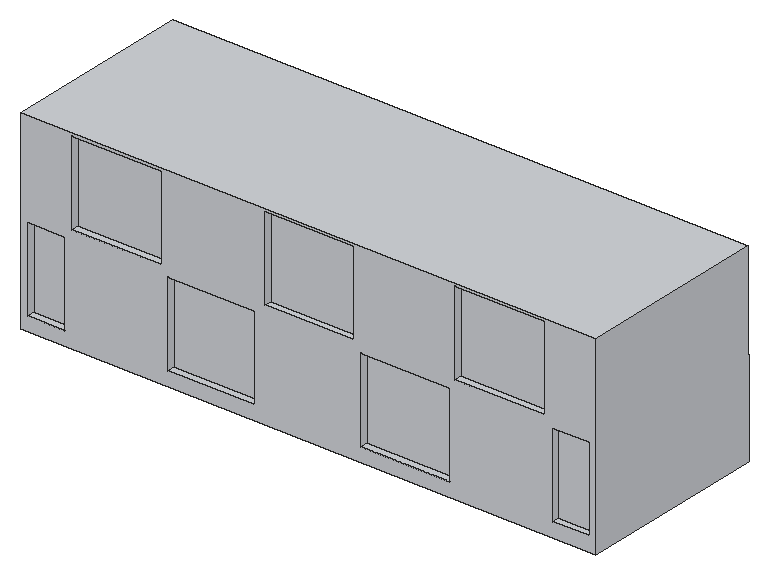
Revit family "SA_3H6W", category Generic Models, Revit 2019
Family settings
  Can host rebar = No
  Round Connector Dimension = Use Diameter
  Part Type = Normal
  Work Plane-Based = No
  Always vertical = Yes
  Cut with Voids When Loaded = No
  Shared = No
  Room Calculation Point = No
Parameters
  Width = 5' - 4 1/2"
  Weight (lbs) = "2424"
  URL = "www.renewaire.com"
  Model = "3H6W SA"
  Manufacturer = "Renewaire LLC"
  Length = 16' - 3 3/8"
  Height = 5' - 5 5/8"
  Description = "Energy Recovery Ventilator"
  Cores (L125-G5) = "18"
  Airflow Range (CFM) = "4,500-19,800"
Reference planes (in)
  plane 1 "Center (Front/Back)": y = 0
  plane 2: z = 0
  plane 3 "Center (Left/Right)": x = 0
Forms (in)
  Extrusion 1, solid
    sketch origin (0, 0, 0) x (1, 0, 0) y (0, 0, 1)
      loop
        line (0, 0) -> (195.375, 0) -> (195.375, 65.5) -> (0, 65.5) -> (0, 0)
    from 0 to 64.5
  Extrusion 2, void
    sketch origin (0.125, -32, -12.10338) x (1, 0, 0) y (0, 0, 1)
      loop
        line (2.375, 45.43107) -> (2.375, 16.93107) -> (15, 16.93107) -> (15, 45.43107) -> (2.375, 45.43107)
      loop
        line (50, 45.43107) -> (50, 16.93107) -> (79.40836, 16.93107) -> (79.40836, 45.43107) -> (50, 45.43107)
      loop
        line (47.75055, 76.93107) -> (17.5, 76.93107) -> (17.5, 48.43107) -> (47.75055, 48.43107) -> (47.75055, 76.93107)
      loop
        line (82.71498, 76.93107) -> (82.71498, 48.43107) -> (112.96498, 48.43107) -> (112.96498, 76.93107) -> (82.71498, 76.93107)
      loop
        line (115.375, 45.43107) -> (115.375, 16.93107) -> (145.625, 16.93107) -> (145.625, 45.43107) -> (115.375, 45.43107)
      loop
        line (147.41792, 76.93107) -> (147.41792, 48.43107) -> (177.66792, 48.43107) -> (177.66792, 76.93107) -> (147.41792, 76.93107)
      loop
        line (180.375, 45.43107) -> (180.375, 16.93107) -> (193, 16.93107) -> (193, 45.43107) -> (180.375, 45.43107)
    from 30 to 34
  Extrusion 3, void
    sketch origin (0.125, 32, -11.9505) x (1, 0, 0) y (0, 0, 1)
      loop
        line (2.375, 45.43107) -> (2.375, 16.93107) -> (15, 16.93107) -> (15, 45.43107) -> (2.375, 45.43107)
      loop
        line (50, 45.43107) -> (50, 16.93107) -> (79.40836, 16.93107) -> (79.40836, 45.43107) -> (50, 45.43107)
      loop
        line (47.75055, 76.93107) -> (17.5, 76.93107) -> (17.5, 48.43107) -> (47.75055, 48.43107) -> (47.75055, 76.93107)
      loop
        line (81.53281, 76.93107) -> (81.53281, 48.43107) -> (111.78281, 48.43107) -> (111.78281, 76.93107) -> (81.53281, 76.93107)
      loop
        line (114.375, 45.43107) -> (114.375, 16.93107) -> (144.625, 16.93107) -> (144.625, 45.43107) -> (114.375, 45.43107)
      loop
        line (147.37439, 76.93107) -> (147.37439, 48.43107) -> (177.62439, 48.43107) -> (177.62439, 76.93107) -> (147.37439, 76.93107)
      loop
        line (180.375, 45.43107) -> (180.375, 16.93107) -> (193, 16.93107) -> (193, 45.43107) -> (180.375, 45.43107)
    from 30 to 34
Cuts and joins
  Extrusion 2, Extrusion 3 cuts Extrusion 1
Dimensions and locks (in)
  aligned and locked: plane 2 to level
